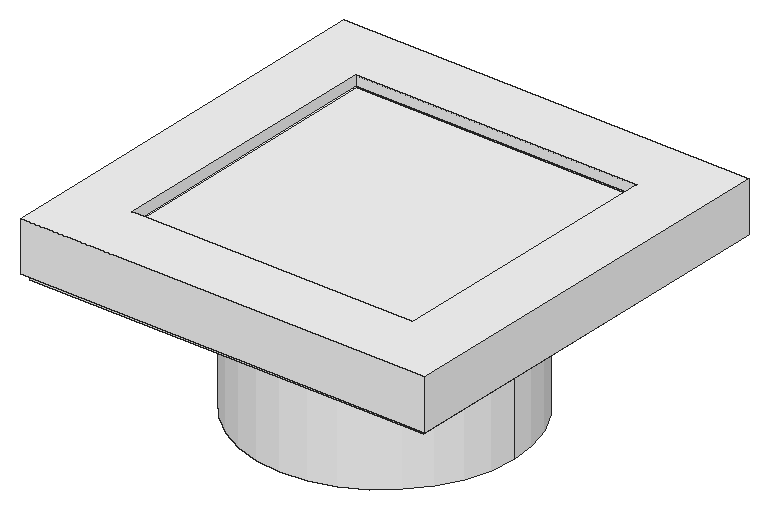
Revit family "Gira_291503", category Electrical Fixtures, host Face, Revit 2017
Family settings
  Host = Face
  Maintain Annotation Orientation = Yes
  Round Connector Dimension = Use Diameter
  Part Type = Normal
  Cut with Voids When Loaded = No
  Shared = No
  Room Calculation Point = No
Parameters (values of type "Duty room unit emergency set System 55 p.white")
  White [instance] = White
  URL = "http://katalog.gira.de/en/datenblatt.html?artikelnr=291503"
  Type of power supply = "Bus system"
  Suitable for bus connection = "2-wire"
  Suitable for = "Call"
  Operation = "Button"
  Name = "Duty room unit emergency set System 55 p.white"
  Model = ""
  Material quality = "Other"
  Material = "Other"
  Manufacturer URL = "https://www.gira.de/"
  Manufacturer = "Gira"
  HeinzeBIM = "https://bimportal.heinze.de/bim/duty-room-unit-emergency-set-system-55-p-white/62e85b17f3b3388c3c81b14c9e3ac25c19514961"
  HAN = "291503"
  GTIN = "4010337069720"
  Description = "Duty room u.emerg.set Sys55 PW,Duty room unit for the emergency set,System 55,pure white glossy,Features:,- Duty room unit (without display) with call acknowledgement (green keypad) and switch-off button for the buzzer (yellow keypad).,,Notes :,- The duty room unit is an optional component of the emergency set."
  Default Elevation = 1219.2 mm
  Data sheet (1) = "https://katalog.gira.de/en/download.html?artikelnr=291503"
  Construction = "Wall model"
  Colour = "White"
  Category = "Call-/control unit clinic-installation"
  Button function = "Quit call"
  BIM (1) = "https://media.stage.bim.site/public/gira/36a6b08/Sys55_Komplettgerät_Schalten und Tasten.rfa?public/gira/36a6b08/Sys55_Komplettgerät_Schalten und Tasten.rfa"
  Available = "No"
  Assembly arrangement = "Basic element"
Reference planes
  plane 1 "Center (Front/Back)": y = 0
  plane 2: z = 0
  plane 3 "Center (Left/Right)": x = 0
Forms (mm)
  Extrusion 1, solid, material "White" <- "White", detail levels medium
    sketch origin (0, 0, 0) x (1, 0, 0) y (0, 1, 0)
      loop
        line (-40.4, 40.4) -> (-40.4, -40.4) -> (40.4, -40.4) -> (40.4, 40.4) -> (-40.4, 40.4)
      loop
        line (-28, 28) -> (-28, -28) -> (28, -28) -> (28, 28) -> (-28, 28)
    from 0 to 10
  Extrusion 2, solid, material "White" <- "White", detail levels fine
    sketch origin (0, 0, 0) x (1, 0, 0) y (0, 1, 0)
      loop
        line (-40.4, 40.4) -> (-40.4, -40.4) -> (40.4, -40.4) -> (40.4, 40.4) -> (-40.4, 40.4)
      loop
        line (-28, 28) -> (-28, -28) -> (28, -28) -> (28, 28) -> (-28, 28)
    from 0 to 10
  Extrusion 3, void
    sketch origin (0, 0, 0) x (1, 0, 0) y (0, 1, 0)
      loop
        line (-38.4, 38.4) -> (-38.4, -38.4) -> (38.4, -38.4) -> (38.4, 38.4) -> (-38.4, 38.4)
    from 0 to 8
  Extrusion 4, solid, material "White" <- "White", detail levels medium+fine
    sketch origin (0, 0, 0) x (1, 0, 0) y (0, 1, 0)
      loop
        line (-39.4, 39.4) -> (-39.4, -39.4) -> (39.4, -39.4) -> (39.4, 39.4) -> (-39.4, 39.4)
    from 0 to -1
  Extrusion 5, solid, material "White" <- "White", detail levels medium+fine
    sketch origin (0, 0, 0) x (1, 0, 0) y (0, 1, 0)
      loop
        line (-35.5, 35.5) -> (-35.5, -35.5) -> (35.5, -35.5) -> (35.5, 35.5) -> (-35.5, 35.5)
    from -2 to -3
  Extrusion 6, solid, material "White" <- "White", detail levels medium+fine
    sketch origin (0, 0, 0) x (1, 0, 0) y (0, 1, 0)
      loop
        circle (0, 0) r 26
    from 0 to -27.5
  Extrusion 7, solid, material "White" <- "White", detail levels coarse
    sketch origin (0, 0, 0) x (1, 0, 0) y (0, 1, 0)
      loop
        line (-40.4, 40.4) -> (-40.4, -40.4) -> (40.4, -40.4) -> (40.4, 40.4) -> (-40.4, 40.4)
    from -27.5 to 10
Cuts and joins
  Extrusion 3 cuts Extrusion 2
Dimensions and locks
  aligned and locked: plane 2 to host face
  aligned and locked: level to host face
  aligned and locked: plane 3 "Center (Left/Right)" to nested 2
  aligned and locked: plane 1 "Center (Front/Back)" to nested 2
Nested families
  nested 1: "Sys55_Abdeckung_Schalten und Tasten_floor_base" at (0, 0, 0), type "Sys55_Abdeckung_Schalten und Tasten_floor_base"
  nested 2: "Schalter" at (0, 0, 0), type "Schalter"
Connectors
  electrical at (0, 0, -27.5)
    settings: on Extrusion 6, index 1, voltage 220 V, apparent load 0 VA, apparent load phase1 0 VA, apparent load phase2 0 VA, apparent load phase3 0 VA, power factor 1, load classification "Other", number of poles 1, system type 30, power factor state 1, is connector primary yes, connector utility no, sub classification motor no, connector description ""
Definition of nested family "Sys55_Abdeckung_Schalten und Tasten_floor_base"
  Parameters
    Default Elevation = 1219.2 mm
    White [instance] = none
  Reference planes
    plane 1 "Center (Front/Back)": y = 0
    plane 2: z = 0
    plane 3 "Center (Left/Right)": x = 0
  Forms (mm)
    Extrusion 1, solid
      sketch origin (0, 0, 0) x (1, 0, 0) y (0, 1, 0)
        loop
          line (-1219.2, 1219.2) -> (-1219.2, -1219.2) -> (1219.2, -1219.2) -> (1219.2, 1219.2) -> (-1219.2, 1219.2)
      from 0 to -304.8
    Extrusion 2, solid, material <- "White", detail levels fine
      sketch origin (0, 0, 0) x (1, 0, 0) y (0, 1, 0)
        loop
          line (-27.5, 27.5) -> (-27.5, -27.5) -> (27.5, -27.5) -> (27.5, 27.5) -> (-27.5, 27.5)
      from 0 to 8
    Extrusion 3, void
      sketch origin (0, 0, 0) x (1, 0, 0) y (0, 1, 0)
        loop
          line (26, 26) -> (-26, 26) -> (-26, -26) -> (26, -26) -> (26, 26)
      from 0 to 6
    Extrusion 4, solid, material <- "White", detail levels medium
      sketch origin (0, 0, 0) x (1, 0, 0) y (0, 1, 0)
        loop
          line (-27.5, 27.5) -> (-27.5, -27.5) -> (27.5, -27.5) -> (27.5, 27.5) -> (-27.5, 27.5)
      from 0 to 8
    Extrusion 5, solid, material <- "White", detail levels medium
      sketch origin (0, 0, 0) x (1, 0, 0) y (0, 1, 0)
        loop
          line (11, -17.5) -> (11, 17.5) -> (-11, 17.5) -> (-11, -17.5) -> (11, -17.5)
      from -6 to 6
    Extrusion 6, solid, material <- "White", detail levels fine
      sketch origin (0, 0, 0) x (1, 0, 0) y (0, 1, 0)
        loop
          line (11, 17.5) -> (-11, 17.5) -> (-11, 16.5) -> (11, 16.5) -> (11, 17.5)
        loop
          line (-11, -16.5) -> (-11, -17.5) -> (11, -17.5) -> (11, -16.5) -> (-11, -16.5)
      from -4 to 6
    Extrusion 7, solid, material <- "White", detail levels fine
      sketch origin (0, 0, 0) x (1, 0, 0) y (0, 1, 0)
        loop
          arc (5, 9.347) -> (0, 10.6) -> (-5, 9.347) r 10.6
          line (-5, 9.347) -> (-5, -9.347)
          arc (-5, -9.347) -> (0, -10.6) -> (5, -9.347) r 10.6
          line (5, -9.347) -> (5, 9.347)
      from -6 to 6
    Extrusion 8, solid, material <- "White", detail levels coarse
      sketch origin (0, 0, 0) x (1, 0, 0) y (0, 1, 0)
        loop
          line (-27.5, 27.5) -> (-27.5, -27.5) -> (27.5, -27.5) -> (27.5, 27.5) -> (-27.5, 27.5)
      from -6 to 8
  Cuts and joins
    Extrusion 3 cuts Extrusion 2
  Dimensions and locks
    aligned and locked: plane 2 to Extrusion 1
    aligned and locked: level to Extrusion 1
Definition of nested family "Schalter"
  Reference planes
    plane 1: y = 0
    plane 2: x = 0
  Lines and regions (mm)
    detail lines
      curve 1: circle (1.375, 2.778, 0) r 0.8 normal (0, 0, 1)
      curve 2: line (1.021, 2.061, 0) -> (0, 0, 0)
      curve 3: line (0, 0, 0) -> (-0.538, 0.266, 0)
  Dimensions and locks
    curve 2 to curve 2 = 2.3 mm
    curve 3 to curve 2 = 0.6 mm
    radius of curve 1 = 0.8 mm
